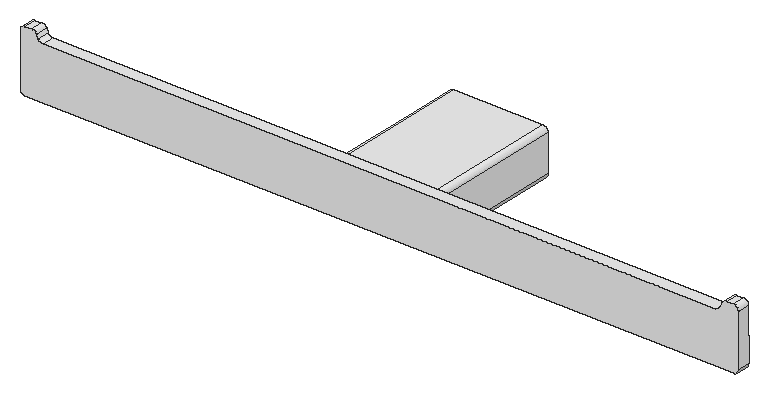
Revit family "rba-bim-rba1643-122", category Plumbing Fixtures, Revit 2016
Family settings
  Part Type = Normal
  Round Connector Dimension = Use Diameter
  Work Plane-Based = No
  Always vertical = Yes
  Cut with Voids When Loaded = No
  Shared = Yes
  Room Calculation Point = No
Parameters (values of type "RBA1643-122")
  Watermarked By = "www.rba.com.au"
  Waste Connection = yes
  Vent Connection = yes
  URL = ""
  Phone Number = "1300 788 778"
  Modified Issue = "20190225.01"
  Model = "RBA1643-122"
  Materials and Finishes = Chrome Plated Brass
  Manufacturer Model = ""
  Manufacturer = "RBA Group"  # constant formula
  HW Connection = yes
  Description = "äska Double Toilet Roll Holder"
  Copyright by = "RBA Group"  # constant formula
  CW Connection = yes
Reference planes
  plane 1 "Center (Front/Back)": y = 0
  plane 2: z = 0
  plane 3 "Center (Left/Right)": x = 0
Forms (mm)
  Extrusion 1, solid, material "Chrome Plated Brass" <- "Materials and Finishes"
    sketch origin (0, 0, 0) x (1, 0, 0) y (0, 0, 1)
      loop
        line (-143, 0) -> (143, 0)
        arc (143, 0) -> (144.414, 0.586) -> (145, 2) r 2
        line (145, 2) -> (145, 23)
        arc (145, 23) -> (144.414, 24.414) -> (143, 25) r 2
        line (143, 25) -> (140.354, 25)
        arc (140.354, 25) -> (139.233, 24.656) -> (138.497, 23.743) r 2
        line (138.497, 23.743) -> (137.903, 22.257)
        arc (137.903, 22.257) -> (137.167, 21.344) -> (136.046, 21) r 2
        line (136.046, 21) -> (-136.046, 21)
        arc (-136.046, 21) -> (-137.167, 21.344) -> (-137.903, 22.257) r 2
        line (-137.903, 22.257) -> (-138.497, 23.743)
        arc (-138.497, 23.743) -> (-139.233, 24.656) -> (-140.354, 25) r 2
        line (-140.354, 25) -> (-143, 25)
        arc (-143, 25) -> (-144.414, 24.414) -> (-145, 23) r 2
        line (-145, 23) -> (-145, 2)
        arc (-145, 2) -> (-144.414, 0.586) -> (-143, 0) r 2
    from 55 to 60
  Extrusion 2, solid, material "Chrome Plated Brass" <- "Materials and Finishes"
    sketch origin (-1.5, 0, 0) x (1, 0, 0) y (0, 0, 1)
      loop
        arc (-16.5, 19.5) -> (-17.914, 18.914) -> (-18.5, 17.5) r 2
        line (-18.5, 17.5) -> (-18.5, 2.5)
        arc (-18.5, 2.5) -> (-17.914, 1.086) -> (-16.5, 0.5) r 2
        line (-16.5, 0.5) -> (19.5, 0.5)
        arc (19.5, 0.5) -> (20.914, 1.086) -> (21.5, 2.5) r 2
        line (21.5, 2.5) -> (21.5, 17.5)
        arc (21.5, 17.5) -> (20.914, 18.914) -> (19.5, 19.5) r 2
        line (19.5, 19.5) -> (-16.5, 19.5)
    from 0 to 55
Dimensions and locks
  aligned and locked: plane 2 to level
